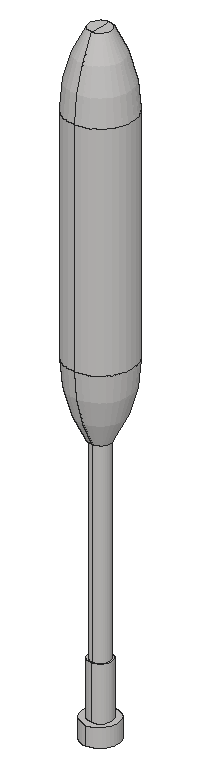
Revit family "Displays_Tensioner_T-End", category Generic Models, Revit 2022
Family settings
  Can host rebar = No
  Round Connector Dimension = Use Diameter
  Part Type = Normal
  OmniClass Number = 23.40.90.11
  OmniClass Title = Information Display Specialties
  Work Plane-Based = Yes
  Always vertical = Yes
  Cut with Voids When Loaded = No
  Maintain Annotation Orientation = No
  Shared = No
  Room Calculation Point = No
Parameters (values of type "As Specified")
  URL = "https://www.ashanging.com/"
  Thickness = 0' - 0.14476"
  Test Data = ""
  Specification = "http://www.arcat.com/sd/clients/ashangin.html?coid=45293"
  Sales Information = "https://www.ashanging.com/en/contacts/"
  Revision = "R1_2017"
  Product Data = "http://www.arcat.com/arcatcos/cos45/arc45245.html"
  Overall Height = 0' - 4 3/16"
  Model = "T End Tensioner"
  Manufacturer Website = "https://www.ashanging.com/"
  Manufacturer Phone - Toll Free = "866-935-6997"
  Manufacturer Phone = ""
  Manufacturer Fax = ""
  Manufacturer Address = "8396 State Route 9, West Chazy, NY 12992"
  Manufacturer = "AS Hanging"
  Keynote = "10 14 00"
  Hook = Stainless Steel
  Drawn By = "Sumex Design, Robert S. Weygant"
  Description = "AS Hanging T End Tensioner"
  Default Elevation = 4' - 0"
  Copyright = "2017 ARCAT, Inc"
  Construction Details = ""
  Cable Material = Stainless Steel
Reference planes (in)
  plane 1 "Center (Front/Back)": y = 0
  plane 2 "Hook Base": z = 0
  plane 3 "Center (Left/Right)": x = 0
  plane 4: y = 0.07238
  plane 5: y = -0.07238
  plane 6: z = 4.1875
  plane 7: z = 1.6875
  plane 8 "HookEnd": z = 0.35938
Forms (in)
  Revolve 1, solid, material "Stainless Steel" <- "Hook"
    sketch origin (0, 0, 0) x (0, 1, 0) y (0, 0, 1)
      loop
        line (0, 4.1875) -> (0, 1.6875) -> (0.07238, 1.6875)
        arc (0.07238, 1.6875) -> (0.17865, 1.92753) -> (0.215, 2.1875) r 0.94777
        line (0.215, 2.1875) -> (0.215, 3.6875)
        arc (0.215, 3.6875) -> (0.17865, 3.94747) -> (0.07238, 4.1875) r 0.94777
        line (0.07238, 4.1875) -> (0, 4.1875)
      axis (0, 4.1875) -> (0, 1.6875)
    angle from 0 to 360
  Extrusion 2, solid, material "Stainless Steel" <- "Cable Material"
    sketch origin (0, 0, 0.35938) x (0, 1, 0) y (-1, 0, 0)
      loop
        circle (0, 0) r 0.0625
    from 0 to 1.32812
  Extrusion 3, solid, material "Stainless Steel" <- "Hook"
    sketch origin (0, 0, -0.125) x (0, 1, 0) y (-1, 0, 0)
      loop
        circle (0, 0) r 0.11914
    from 0 to 0.125
  Extrusion 4, solid, material "Stainless Steel" <- "Hook"
    sketch origin (0, 0, 0.35937) x (0, 1, 0) y (-1, 0, 0)
      loop
        circle (0, 0) r 0.075
    from 0 to -0.35938
Dimensions and locks (in)
  equal spacing: plane 5, plane 1 "Center (Front/Back)", plane 4
  "Thickness": plane 5 to plane 4
  "Overall Height": plane 6 to level
  locked: plane 6 to plane 7 at 2.5
  locked: plane 8 "HookEnd" to level at 0.35938
  aligned and locked: plane 2 "Hook Base" to level
  aligned and locked: plane 1 "Center (Front/Back)" to Revolve 1 sketch curve
  aligned and locked: Extrusion 2 to plane 8 "HookEnd"
  aligned and locked: plane 7 to Extrusion 2
  aligned and locked: plane 8 "HookEnd" to Extrusion 4
Automatic sketch dimensions
  Revolve 1 sketch curve to plane 1 "Center (Front/Back)" = 0' - 0"
  Revolve 1 sketch curve to plane 4 = 0' - 0"  (x2)
  Revolve 1 sketch curve to plane 7 = 0' - 0"
  Revolve 1 sketch curve to plane 6 = 0' - 0"
  plane 5 to Revolve 1 sketch curve = 0' - 0.66039"  (x2)
  Revolve 1 sketch curve to plane 4 = 0' - 0.14262"
  Revolve 1 sketch curve to level = 2' - 0"
  plane 6 to Revolve 1 sketch curve = 7' - 3.27586"
  plane 1 "Center (Front/Back)" to Extrusion 2 sketch curve = 0' - 0"
  Extrusion 2 sketch curve to plane 3 "Center (Left/Right)" = 0' - 0"
  plane 1 "Center (Front/Back)" to Extrusion 3 sketch curve = 0' - 0"
  plane 3 "Center (Left/Right)" to Extrusion 3 sketch curve = 0' - 0"
  plane 1 "Center (Front/Back)" to Extrusion 4 sketch curve = 0' - 0"
  plane 3 "Center (Left/Right)" to Extrusion 4 sketch curve = 0' - 0"
  radius of Extrusion 2 sketch curve = 0' - 0 1/16"
  radius of Extrusion 3 sketch curve = 0' - 0.11914"
  radius of Extrusion 4 sketch curve = 0' - 0.075"
